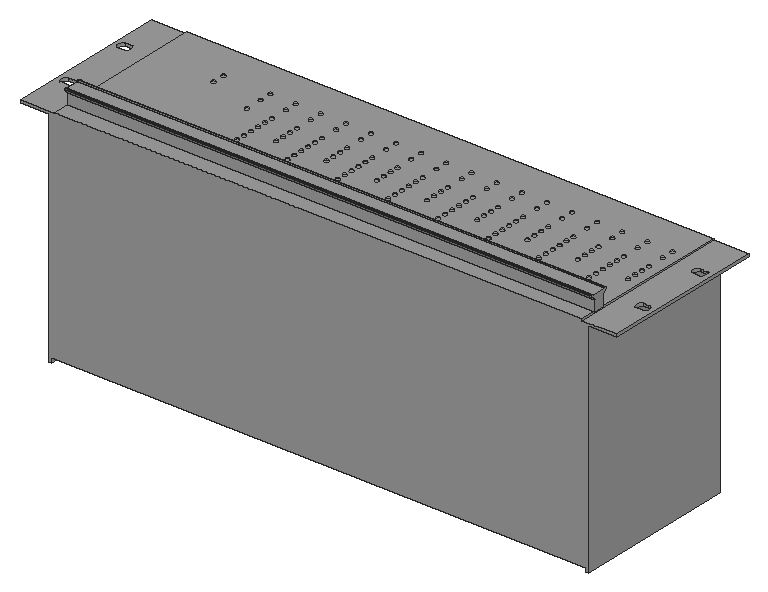
Revit family "Maxlogic Блок интеграции с системой речевого оповещения", category Fire Alarm Devices, host Face, Revit 2021
Family settings
  Host = Face
  Maintain Annotation Orientation = Yes
  Round Connector Dimension = Use Diameter
  Part Type = Normal
  OmniClass Number = 23.85.30.21
  OmniClass Title = Environmental Detection/Registration
  Cut with Voids When Loaded = No
  Shared = No
  Room Calculation Point = No
Parameters (values of type "Блок интеграции с системой речевого оповещения, базовая модель 19", 3U")
  Вес = ""
  Монтажный короб для установки извещателя с поверхностной прокладкой кабеля = ""
  Гарантийный срок = "Года"
  Гарантийный срок запчастей = "2"
  Гарантия срока службы = "2"
  Версия = ""
  URL = "https://www.mavili.com.tr/"
  Монтажный комплект для установки извещателя в подвесной потолок = ""
  Номер позы общественных работ = ""
  Класс защиты = ""
  Программируемый модуль вывода тревоги / оповещения = "ML-5020.PO получает 8 адресов"
  Код продукта = "ML-5020"
  Номер телефона = "(+)90 216 466 45 05"
  Рабочее напряжение (по умолчанию) = "28 В Пост. ток"
  Диапазон рабочего напряжения = "28 В Пост. ток"
  Рабочая Температура = "(-10°C) - (+55°C)"
  Номинальная глубина = "209 мм"
  Номинальная ширина = "483 мм"
  Номинальная высота = "133 мм"
  Монтажная поверхность = "Rack"
  Монтажная высота = ""
  Model = "Maxlogic"
  Объявить модуль ввода = "ML-5020.AI получает 4 адреса"
  Manufacturer = "Mavili Elektronik Ticaret A.Ş."
  Инструкция по установке = "https://mavilielektronik.com/Revit/ML5020_enkk.pdf"
  Выход индикации = ""
  Номер факса = "(+)90 216 466 45 10"
  Резервное питание = "220 В Перем. ток"
  Почта = "mavili@mavili.com.tr"
  Отказ = ""
  Настройка адреса устройства = "Модульная адресация"
  Description = "Блок интеграции с системой речевого оповещения, базовая модель 19\", 3U"
  Default Elevation = 0 mm
  Потребление тока = ""
  Валюта = ""
  Cost = 0
  Совместимые базы для монтажа = ""
  Цвет = "Черный"
  Производительность кода = "EN 54-16"
  Главный Материал = "Красный металлический"
  Вторичный материал = "Органическое стекло / плексиглас"
  Аккумулятор = "2 X (12В Пост. ток 7 Aм/ч. )"
  Пустая панель матрицы оповещения / тревоги = "MLY-5001"
  Адрес №1 = "Şerifali Mahallesi Kutup Sokak No:27/1-2-4 Ümraniye TR-34775 İSTANBUL"
Reference planes
  plane 1 "Center (Front/Back)": y = 0
  plane 2: z = 0
  plane 3 "Center (Left/Right)": x = 0
Forms (mm)
  Extrusion 1, solid, material "Alarm Matrix Panel"
    sketch origin (-255.275, 132.5, 267.01) x (-1, 0, 0) y (0, 0, -1)
      loop
        line (2, 182) -> (0, 182) -> (0, 179) -> (-432, 179) -> (-432, 182) -> (-434, 182) -> (-434, 3) -> (-457.3, 3) -> (-457.3, 0.961) -> (-429.02, 0.961) -> (-429.02, 0.026) -> (-2.98, 0.026) -> (-2.98, 0.961) -> (25.3, 0.961) -> (25.3, 3) -> (2, 3) -> (2, 182)
    from 0 to 132.5
  Revolve 2, solid, material "Glass"
    sketch origin (31.587, -147.1, 266.984) x (1, 0, 0) y (0, 1, 0)
      loop
        arc (-231.532, 249.85) -> (-229.882, 248.2) -> (-228.232, 249.85) r 1.65
        line (-228.232, 249.85) -> (-231.532, 249.85)
      axis (-231.532, 249.85) -> (-228.232, 249.85)
    angle from 0 to -180
  Revolve 3, solid, material "Glass"
    sketch origin (31.587, -157.1, 266.984) x (1, 0, 0) y (0, 1, 0)
      loop
        arc (-231.532, 249.85) -> (-229.882, 248.2) -> (-228.232, 249.85) r 1.65
        line (-228.232, 249.85) -> (-231.532, 249.85)
      axis (-231.532, 249.85) -> (-228.232, 249.85)
    angle from 0 to -180
  Revolve 4, solid, material "Glass"
    sketch origin (69.607, -147.1, 266.984) x (1, 0, 0) y (0, 1, 0)
      loop
        arc (-231.532, 249.85) -> (-229.882, 248.2) -> (-228.232, 249.85) r 1.65
        line (-228.232, 249.85) -> (-231.532, 249.85)
      axis (-231.532, 249.85) -> (-228.232, 249.85)
    angle from 0 to -180
  Revolve 5, solid, material "Glass"
    sketch origin (69.607, -157.1, 266.984) x (1, 0, 0) y (0, 1, 0)
      loop
        arc (-231.532, 249.85) -> (-229.882, 248.2) -> (-228.232, 249.85) r 1.65
        line (-228.232, 249.85) -> (-231.532, 249.85)
      axis (-231.532, 249.85) -> (-228.232, 249.85)
    angle from 0 to -180
  Revolve 6, solid, material "Glass"
    sketch origin (89.927, -147.1, 266.984) x (1, 0, 0) y (0, 1, 0)
      loop
        arc (-231.532, 249.85) -> (-229.882, 248.2) -> (-228.232, 249.85) r 1.65
        line (-228.232, 249.85) -> (-231.532, 249.85)
      axis (-231.532, 249.85) -> (-228.232, 249.85)
    angle from 0 to -180
  Revolve 7, solid, material "Glass"
    sketch origin (89.927, -157.1, 266.984) x (1, 0, 0) y (0, 1, 0)
      loop
        arc (-231.532, 249.85) -> (-229.882, 248.2) -> (-228.232, 249.85) r 1.65
        line (-228.232, 249.85) -> (-231.532, 249.85)
      axis (-231.532, 249.85) -> (-228.232, 249.85)
    angle from 0 to -180
  Revolve 8, solid, material "Glass"
    sketch origin (110.247, -147.1, 266.984) x (1, 0, 0) y (0, 1, 0)
      loop
        arc (-231.532, 249.85) -> (-229.882, 248.2) -> (-228.232, 249.85) r 1.65
        line (-228.232, 249.85) -> (-231.532, 249.85)
      axis (-231.532, 249.85) -> (-228.232, 249.85)
    angle from 0 to -180
  Revolve 9, solid, material "Glass"
    sketch origin (110.247, -157.1, 266.984) x (1, 0, 0) y (0, 1, 0)
      loop
        arc (-231.532, 249.85) -> (-229.882, 248.2) -> (-228.232, 249.85) r 1.65
        line (-228.232, 249.85) -> (-231.532, 249.85)
      axis (-231.532, 249.85) -> (-228.232, 249.85)
    angle from 0 to -180
  Revolve 10, solid, material "Glass"
    sketch origin (130.567, -147.1, 266.984) x (1, 0, 0) y (0, 1, 0)
      loop
        arc (-231.532, 249.85) -> (-229.882, 248.2) -> (-228.232, 249.85) r 1.65
        line (-228.232, 249.85) -> (-231.532, 249.85)
      axis (-231.532, 249.85) -> (-228.232, 249.85)
    angle from 0 to -180
  Revolve 11, solid, material "Glass"
    sketch origin (130.567, -157.1, 266.984) x (1, 0, 0) y (0, 1, 0)
      loop
        arc (-231.532, 249.85) -> (-229.882, 248.2) -> (-228.232, 249.85) r 1.65
        line (-228.232, 249.85) -> (-231.532, 249.85)
      axis (-231.532, 249.85) -> (-228.232, 249.85)
    angle from 0 to -180
  Revolve 12, solid, material "Glass"
    sketch origin (150.887, -147.1, 266.984) x (1, 0, 0) y (0, 1, 0)
      loop
        arc (-231.532, 249.85) -> (-229.882, 248.2) -> (-228.232, 249.85) r 1.65
        line (-228.232, 249.85) -> (-231.532, 249.85)
      axis (-231.532, 249.85) -> (-228.232, 249.85)
    angle from 0 to -180
  Revolve 13, solid, material "Glass"
    sketch origin (150.887, -157.1, 266.984) x (1, 0, 0) y (0, 1, 0)
      loop
        arc (-231.532, 249.85) -> (-229.882, 248.2) -> (-228.232, 249.85) r 1.65
        line (-228.232, 249.85) -> (-231.532, 249.85)
      axis (-231.532, 249.85) -> (-228.232, 249.85)
    angle from 0 to -180
  Revolve 14, solid, material "Glass"
    sketch origin (171.207, -147.1, 266.984) x (1, 0, 0) y (0, 1, 0)
      loop
        arc (-231.532, 249.85) -> (-229.882, 248.2) -> (-228.232, 249.85) r 1.65
        line (-228.232, 249.85) -> (-231.532, 249.85)
      axis (-231.532, 249.85) -> (-228.232, 249.85)
    angle from 0 to -180
  Revolve 15, solid, material "Glass"
    sketch origin (171.207, -157.1, 266.984) x (1, 0, 0) y (0, 1, 0)
      loop
        arc (-231.532, 249.85) -> (-229.882, 248.2) -> (-228.232, 249.85) r 1.65
        line (-228.232, 249.85) -> (-231.532, 249.85)
      axis (-231.532, 249.85) -> (-228.232, 249.85)
    angle from 0 to -180
  Revolve 16, solid, material "Glass"
    sketch origin (191.527, -147.1, 266.984) x (1, 0, 0) y (0, 1, 0)
      loop
        arc (-231.532, 249.85) -> (-229.882, 248.2) -> (-228.232, 249.85) r 1.65
        line (-228.232, 249.85) -> (-231.532, 249.85)
      axis (-231.532, 249.85) -> (-228.232, 249.85)
    angle from 0 to -180
  Revolve 17, solid, material "Glass"
    sketch origin (191.527, -157.1, 266.984) x (1, 0, 0) y (0, 1, 0)
      loop
        arc (-231.532, 249.85) -> (-229.882, 248.2) -> (-228.232, 249.85) r 1.65
        line (-228.232, 249.85) -> (-231.532, 249.85)
      axis (-231.532, 249.85) -> (-228.232, 249.85)
    angle from 0 to -180
  Revolve 18, solid, material "Glass"
    sketch origin (211.847, -147.1, 266.984) x (1, 0, 0) y (0, 1, 0)
      loop
        arc (-231.532, 249.85) -> (-229.882, 248.2) -> (-228.232, 249.85) r 1.65
        line (-228.232, 249.85) -> (-231.532, 249.85)
      axis (-231.532, 249.85) -> (-228.232, 249.85)
    angle from 0 to -180
  Revolve 19, solid, material "Glass"
    sketch origin (211.847, -157.1, 266.984) x (1, 0, 0) y (0, 1, 0)
      loop
        arc (-231.532, 249.85) -> (-229.882, 248.2) -> (-228.232, 249.85) r 1.65
        line (-228.232, 249.85) -> (-231.532, 249.85)
      axis (-231.532, 249.85) -> (-228.232, 249.85)
    angle from 0 to -180
  Revolve 20, solid, material "Glass"
    sketch origin (232.167, -147.1, 266.984) x (1, 0, 0) y (0, 1, 0)
      loop
        arc (-231.532, 249.85) -> (-229.882, 248.2) -> (-228.232, 249.85) r 1.65
        line (-228.232, 249.85) -> (-231.532, 249.85)
      axis (-231.532, 249.85) -> (-228.232, 249.85)
    angle from 0 to -180
  Revolve 21, solid, material "Glass"
    sketch origin (232.167, -157.1, 266.984) x (1, 0, 0) y (0, 1, 0)
      loop
        arc (-231.532, 249.85) -> (-229.882, 248.2) -> (-228.232, 249.85) r 1.65
        line (-228.232, 249.85) -> (-231.532, 249.85)
      axis (-231.532, 249.85) -> (-228.232, 249.85)
    angle from 0 to -180
  Revolve 22, solid, material "Glass"
    sketch origin (252.487, -147.1, 266.984) x (1, 0, 0) y (0, 1, 0)
      loop
        arc (-231.532, 249.85) -> (-229.882, 248.2) -> (-228.232, 249.85) r 1.65
        line (-228.232, 249.85) -> (-231.532, 249.85)
      axis (-231.532, 249.85) -> (-228.232, 249.85)
    angle from 0 to -180
  Revolve 23, solid, material "Glass"
    sketch origin (252.487, -157.1, 266.984) x (1, 0, 0) y (0, 1, 0)
      loop
        arc (-231.532, 249.85) -> (-229.882, 248.2) -> (-228.232, 249.85) r 1.65
        line (-228.232, 249.85) -> (-231.532, 249.85)
      axis (-231.532, 249.85) -> (-228.232, 249.85)
    angle from 0 to -180
  Revolve 24, solid, material "Glass"
    sketch origin (272.807, -147.1, 266.984) x (1, 0, 0) y (0, 1, 0)
      loop
        arc (-231.532, 249.85) -> (-229.882, 248.2) -> (-228.232, 249.85) r 1.65
        line (-228.232, 249.85) -> (-231.532, 249.85)
      axis (-231.532, 249.85) -> (-228.232, 249.85)
    angle from 0 to -180
  Revolve 25, solid, material "Glass"
    sketch origin (272.807, -157.1, 266.984) x (1, 0, 0) y (0, 1, 0)
      loop
        arc (-231.532, 249.85) -> (-229.882, 248.2) -> (-228.232, 249.85) r 1.65
        line (-228.232, 249.85) -> (-231.532, 249.85)
      axis (-231.532, 249.85) -> (-228.232, 249.85)
    angle from 0 to -180
  Revolve 26, solid, material "Glass"
    sketch origin (293.127, -147.1, 266.984) x (1, 0, 0) y (0, 1, 0)
      loop
        arc (-231.532, 249.85) -> (-229.882, 248.2) -> (-228.232, 249.85) r 1.65
        line (-228.232, 249.85) -> (-231.532, 249.85)
      axis (-231.532, 249.85) -> (-228.232, 249.85)
    angle from 0 to -180
  Revolve 27, solid, material "Glass"
    sketch origin (293.127, -157.1, 266.984) x (1, 0, 0) y (0, 1, 0)
      loop
        arc (-231.532, 249.85) -> (-229.882, 248.2) -> (-228.232, 249.85) r 1.65
        line (-228.232, 249.85) -> (-231.532, 249.85)
      axis (-231.532, 249.85) -> (-228.232, 249.85)
    angle from 0 to -180
  Revolve 28, solid, material "Glass"
    sketch origin (313.447, -147.1, 266.984) x (1, 0, 0) y (0, 1, 0)
      loop
        arc (-231.532, 249.85) -> (-229.882, 248.2) -> (-228.232, 249.85) r 1.65
        line (-228.232, 249.85) -> (-231.532, 249.85)
      axis (-231.532, 249.85) -> (-228.232, 249.85)
    angle from 0 to -180
  Revolve 29, solid, material "Glass"
    sketch origin (313.447, -157.1, 266.984) x (1, 0, 0) y (0, 1, 0)
      loop
        arc (-231.532, 249.85) -> (-229.882, 248.2) -> (-228.232, 249.85) r 1.65
        line (-228.232, 249.85) -> (-231.532, 249.85)
      axis (-231.532, 249.85) -> (-228.232, 249.85)
    angle from 0 to -180
  Revolve 30, solid, material "Glass"
    sketch origin (333.767, -147.1, 266.984) x (1, 0, 0) y (0, 1, 0)
      loop
        arc (-231.532, 249.85) -> (-229.882, 248.2) -> (-228.232, 249.85) r 1.65
        line (-228.232, 249.85) -> (-231.532, 249.85)
      axis (-231.532, 249.85) -> (-228.232, 249.85)
    angle from 0 to -180
  Revolve 31, solid, material "Glass"
    sketch origin (333.767, -157.1, 266.984) x (1, 0, 0) y (0, 1, 0)
      loop
        arc (-231.532, 249.85) -> (-229.882, 248.2) -> (-228.232, 249.85) r 1.65
        line (-228.232, 249.85) -> (-231.532, 249.85)
      axis (-231.532, 249.85) -> (-228.232, 249.85)
    angle from 0 to -180
  Revolve 32, solid, material "Glass"
    sketch origin (354.087, -147.1, 266.984) x (1, 0, 0) y (0, 1, 0)
      loop
        arc (-231.532, 249.85) -> (-229.882, 248.2) -> (-228.232, 249.85) r 1.65
        line (-228.232, 249.85) -> (-231.532, 249.85)
      axis (-231.532, 249.85) -> (-228.232, 249.85)
    angle from 0 to -180
  Revolve 33, solid, material "Glass"
    sketch origin (354.087, -157.1, 266.984) x (1, 0, 0) y (0, 1, 0)
      loop
        arc (-231.532, 249.85) -> (-229.882, 248.2) -> (-228.232, 249.85) r 1.65
        line (-228.232, 249.85) -> (-231.532, 249.85)
      axis (-231.532, 249.85) -> (-228.232, 249.85)
    angle from 0 to -180
  Revolve 34, solid, material "Glass"
    sketch origin (374.407, -147.1, 266.984) x (1, 0, 0) y (0, 1, 0)
      loop
        arc (-231.532, 249.85) -> (-229.882, 248.2) -> (-228.232, 249.85) r 1.65
        line (-228.232, 249.85) -> (-231.532, 249.85)
      axis (-231.532, 249.85) -> (-228.232, 249.85)
    angle from 0 to -180
  Revolve 35, solid, material "Glass"
    sketch origin (374.407, -157.1, 266.984) x (1, 0, 0) y (0, 1, 0)
      loop
        arc (-231.532, 249.85) -> (-229.882, 248.2) -> (-228.232, 249.85) r 1.65
        line (-228.232, 249.85) -> (-231.532, 249.85)
      axis (-231.532, 249.85) -> (-228.232, 249.85)
    angle from 0 to -180
  Revolve 36, solid, material "Glass"
    sketch origin (394.727, -147.1, 266.984) x (1, 0, 0) y (0, 1, 0)
      loop
        arc (-231.532, 249.85) -> (-229.882, 248.2) -> (-228.232, 249.85) r 1.65
        line (-228.232, 249.85) -> (-231.532, 249.85)
      axis (-231.532, 249.85) -> (-228.232, 249.85)
    angle from 0 to -180
  Revolve 37, solid, material "Glass"
    sketch origin (394.727, -157.1, 266.984) x (1, 0, 0) y (0, 1, 0)
      loop
        arc (-231.532, 249.85) -> (-229.882, 248.2) -> (-228.232, 249.85) r 1.65
        line (-228.232, 249.85) -> (-231.532, 249.85)
      axis (-231.532, 249.85) -> (-228.232, 249.85)
    angle from 0 to -180
  Revolve 38, solid, material "Glass"
    sketch origin (69.607, -171.1, 266.984) x (1, 0, 0) y (0, 1, 0)
      loop
        arc (-231.532, 249.85) -> (-229.882, 248.2) -> (-228.232, 249.85) r 1.65
        line (-228.232, 249.85) -> (-231.532, 249.85)
      axis (-231.532, 249.85) -> (-228.232, 249.85)
    angle from 0 to -180
  Revolve 39, solid, material "Glass"
    sketch origin (89.927, -171.1, 266.984) x (1, 0, 0) y (0, 1, 0)
      loop
        arc (-231.532, 249.85) -> (-229.882, 248.2) -> (-228.232, 249.85) r 1.65
        line (-228.232, 249.85) -> (-231.532, 249.85)
      axis (-231.532, 249.85) -> (-228.232, 249.85)
    angle from 0 to -180
  Revolve 40, solid, material "Glass"
    sketch origin (89.927, -178.1, 266.984) x (1, 0, 0) y (0, 1, 0)
      loop
        arc (-231.532, 249.85) -> (-229.882, 248.2) -> (-228.232, 249.85) r 1.65
        line (-228.232, 249.85) -> (-231.532, 249.85)
      axis (-231.532, 249.85) -> (-228.232, 249.85)
    angle from 0 to -180
  Revolve 41, solid, material "Glass"
    sketch origin (89.927, -185.1, 266.984) x (1, 0, 0) y (0, 1, 0)
      loop
        arc (-231.532, 249.85) -> (-229.882, 248.2) -> (-228.232, 249.85) r 1.65
        line (-228.232, 249.85) -> (-231.532, 249.85)
      axis (-231.532, 249.85) -> (-228.232, 249.85)
    angle from 0 to -180
  Revolve 42, solid, material "Glass"
    sketch origin (89.927, -192.1, 266.984) x (1, 0, 0) y (0, 1, 0)
      loop
        arc (-231.532, 249.85) -> (-229.882, 248.2) -> (-228.232, 249.85) r 1.65
        line (-228.232, 249.85) -> (-231.532, 249.85)
      axis (-231.532, 249.85) -> (-228.232, 249.85)
    angle from 0 to -180
  Revolve 43, solid, material "Glass"
    sketch origin (89.927, -199.1, 266.984) x (1, 0, 0) y (0, 1, 0)
      loop
        arc (-231.532, 249.85) -> (-229.882, 248.2) -> (-228.232, 249.85) r 1.65
        line (-228.232, 249.85) -> (-231.532, 249.85)
      axis (-231.532, 249.85) -> (-228.232, 249.85)
    angle from 0 to -180
  Revolve 44, solid, material "Glass"
    sketch origin (89.927, -206.1, 266.984) x (1, 0, 0) y (0, 1, 0)
      loop
        arc (-231.532, 249.85) -> (-229.882, 248.2) -> (-228.232, 249.85) r 1.65
        line (-228.232, 249.85) -> (-231.532, 249.85)
      axis (-231.532, 249.85) -> (-228.232, 249.85)
    angle from 0 to -180
  Revolve 45, solid, material "Glass"
    sketch origin (89.927, -213.1, 266.984) x (1, 0, 0) y (0, 1, 0)
      loop
        arc (-231.532, 249.85) -> (-229.882, 248.2) -> (-228.232, 249.85) r 1.65
        line (-228.232, 249.85) -> (-231.532, 249.85)
      axis (-231.532, 249.85) -> (-228.232, 249.85)
    angle from 0 to -180
  Revolve 46, solid, material "Glass"
    sketch origin (89.927, -220.1, 266.984) x (1, 0, 0) y (0, 1, 0)
      loop
        arc (-231.532, 249.85) -> (-229.882, 248.2) -> (-228.232, 249.85) r 1.65
        line (-228.232, 249.85) -> (-231.532, 249.85)
      axis (-231.532, 249.85) -> (-228.232, 249.85)
    angle from 0 to -180
  Revolve 47, solid, material "Glass"
    sketch origin (130.567, -171.1, 266.984) x (1, 0, 0) y (0, 1, 0)
      loop
        arc (-231.532, 249.85) -> (-229.882, 248.2) -> (-228.232, 249.85) r 1.65
        line (-228.232, 249.85) -> (-231.532, 249.85)
      axis (-231.532, 249.85) -> (-228.232, 249.85)
    angle from 0 to -180
  Revolve 48, solid, material "Glass"
    sketch origin (130.567, -178.1, 266.984) x (1, 0, 0) y (0, 1, 0)
      loop
        arc (-231.532, 249.85) -> (-229.882, 248.2) -> (-228.232, 249.85) r 1.65
        line (-228.232, 249.85) -> (-231.532, 249.85)
      axis (-231.532, 249.85) -> (-228.232, 249.85)
    angle from 0 to -180
  Revolve 49, solid, material "Glass"
    sketch origin (130.567, -185.1, 266.984) x (1, 0, 0) y (0, 1, 0)
      loop
        arc (-231.532, 249.85) -> (-229.882, 248.2) -> (-228.232, 249.85) r 1.65
        line (-228.232, 249.85) -> (-231.532, 249.85)
      axis (-231.532, 249.85) -> (-228.232, 249.85)
    angle from 0 to -180
  Revolve 50, solid, material "Glass"
    sketch origin (130.567, -192.1, 266.984) x (1, 0, 0) y (0, 1, 0)
      loop
        arc (-231.532, 249.85) -> (-229.882, 248.2) -> (-228.232, 249.85) r 1.65
        line (-228.232, 249.85) -> (-231.532, 249.85)
      axis (-231.532, 249.85) -> (-228.232, 249.85)
    angle from 0 to -180
  Revolve 51, solid, material "Glass"
    sketch origin (130.567, -199.1, 266.984) x (1, 0, 0) y (0, 1, 0)
      loop
        arc (-231.532, 249.85) -> (-229.882, 248.2) -> (-228.232, 249.85) r 1.65
        line (-228.232, 249.85) -> (-231.532, 249.85)
      axis (-231.532, 249.85) -> (-228.232, 249.85)
    angle from 0 to -180
  Revolve 52, solid, material "Glass"
    sketch origin (130.567, -206.1, 266.984) x (1, 0, 0) y (0, 1, 0)
      loop
        arc (-231.532, 249.85) -> (-229.882, 248.2) -> (-228.232, 249.85) r 1.65
        line (-228.232, 249.85) -> (-231.532, 249.85)
      axis (-231.532, 249.85) -> (-228.232, 249.85)
    angle from 0 to -180
  Revolve 53, solid, material "Glass"
    sketch origin (130.567, -213.1, 266.984) x (1, 0, 0) y (0, 1, 0)
      loop
        arc (-231.532, 249.85) -> (-229.882, 248.2) -> (-228.232, 249.85) r 1.65
        line (-228.232, 249.85) -> (-231.532, 249.85)
      axis (-231.532, 249.85) -> (-228.232, 249.85)
    angle from 0 to -180
  Revolve 54, solid, material "Glass"
    sketch origin (130.567, -220.1, 266.984) x (1, 0, 0) y (0, 1, 0)
      loop
        arc (-231.532, 249.85) -> (-229.882, 248.2) -> (-228.232, 249.85) r 1.65
        line (-228.232, 249.85) -> (-231.532, 249.85)
      axis (-231.532, 249.85) -> (-228.232, 249.85)
    angle from 0 to -180
  Revolve 55, solid, material "Glass"
    sketch origin (171.207, -171.1, 266.984) x (1, 0, 0) y (0, 1, 0)
      loop
        arc (-231.532, 249.85) -> (-229.882, 248.2) -> (-228.232, 249.85) r 1.65
        line (-228.232, 249.85) -> (-231.532, 249.85)
      axis (-231.532, 249.85) -> (-228.232, 249.85)
    angle from 0 to -180
  Revolve 56, solid, material "Glass"
    sketch origin (171.207, -178.1, 266.984) x (1, 0, 0) y (0, 1, 0)
      loop
        arc (-231.532, 249.85) -> (-229.882, 248.2) -> (-228.232, 249.85) r 1.65
        line (-228.232, 249.85) -> (-231.532, 249.85)
      axis (-231.532, 249.85) -> (-228.232, 249.85)
    angle from 0 to -180
  Revolve 57, solid, material "Glass"
    sketch origin (171.207, -185.1, 266.984) x (1, 0, 0) y (0, 1, 0)
      loop
        arc (-231.532, 249.85) -> (-229.882, 248.2) -> (-228.232, 249.85) r 1.65
        line (-228.232, 249.85) -> (-231.532, 249.85)
      axis (-231.532, 249.85) -> (-228.232, 249.85)
    angle from 0 to -180
  Revolve 58, solid, material "Glass"
    sketch origin (171.207, -192.1, 266.984) x (1, 0, 0) y (0, 1, 0)
      loop
        arc (-231.532, 249.85) -> (-229.882, 248.2) -> (-228.232, 249.85) r 1.65
        line (-228.232, 249.85) -> (-231.532, 249.85)
      axis (-231.532, 249.85) -> (-228.232, 249.85)
    angle from 0 to -180
  Revolve 59, solid, material "Glass"
    sketch origin (171.207, -199.1, 266.984) x (1, 0, 0) y (0, 1, 0)
      loop
        arc (-231.532, 249.85) -> (-229.882, 248.2) -> (-228.232, 249.85) r 1.65
        line (-228.232, 249.85) -> (-231.532, 249.85)
      axis (-231.532, 249.85) -> (-228.232, 249.85)
    angle from 0 to -180
  Revolve 60, solid, material "Glass"
    sketch origin (171.207, -206.1, 266.984) x (1, 0, 0) y (0, 1, 0)
      loop
        arc (-231.532, 249.85) -> (-229.882, 248.2) -> (-228.232, 249.85) r 1.65
        line (-228.232, 249.85) -> (-231.532, 249.85)
      axis (-231.532, 249.85) -> (-228.232, 249.85)
    angle from 0 to -180
  Revolve 61, solid, material "Glass"
    sketch origin (171.207, -213.1, 266.984) x (1, 0, 0) y (0, 1, 0)
      loop
        arc (-231.532, 249.85) -> (-229.882, 248.2) -> (-228.232, 249.85) r 1.65
        line (-228.232, 249.85) -> (-231.532, 249.85)
      axis (-231.532, 249.85) -> (-228.232, 249.85)
    angle from 0 to -180
  Revolve 62, solid, material "Glass"
    sketch origin (171.207, -220.1, 266.984) x (1, 0, 0) y (0, 1, 0)
      loop
        arc (-231.532, 249.85) -> (-229.882, 248.2) -> (-228.232, 249.85) r 1.65
        line (-228.232, 249.85) -> (-231.532, 249.85)
      axis (-231.532, 249.85) -> (-228.232, 249.85)
    angle from 0 to -180
  Revolve 63, solid, material "Glass"
    sketch origin (211.847, -171.1, 266.984) x (1, 0, 0) y (0, 1, 0)
      loop
        arc (-231.532, 249.85) -> (-229.882, 248.2) -> (-228.232, 249.85) r 1.65
        line (-228.232, 249.85) -> (-231.532, 249.85)
      axis (-231.532, 249.85) -> (-228.232, 249.85)
    angle from 0 to -180
  Revolve 64, solid, material "Glass"
    sketch origin (211.847, -178.1, 266.984) x (1, 0, 0) y (0, 1, 0)
      loop
        arc (-231.532, 249.85) -> (-229.882, 248.2) -> (-228.232, 249.85) r 1.65
        line (-228.232, 249.85) -> (-231.532, 249.85)
      axis (-231.532, 249.85) -> (-228.232, 249.85)
    angle from 0 to -180
  Revolve 65, solid, material "Glass"
    sketch origin (211.847, -185.1, 266.984) x (1, 0, 0) y (0, 1, 0)
      loop
        arc (-231.532, 249.85) -> (-229.882, 248.2) -> (-228.232, 249.85) r 1.65
        line (-228.232, 249.85) -> (-231.532, 249.85)
      axis (-231.532, 249.85) -> (-228.232, 249.85)
    angle from 0 to -180
  Revolve 66, solid, material "Glass"
    sketch origin (211.847, -192.1, 266.984) x (1, 0, 0) y (0, 1, 0)
      loop
        arc (-231.532, 249.85) -> (-229.882, 248.2) -> (-228.232, 249.85) r 1.65
        line (-228.232, 249.85) -> (-231.532, 249.85)
      axis (-231.532, 249.85) -> (-228.232, 249.85)
    angle from 0 to -180
  Revolve 67, solid, material "Glass"
    sketch origin (211.847, -199.1, 266.984) x (1, 0, 0) y (0, 1, 0)
      loop
        arc (-231.532, 249.85) -> (-229.882, 248.2) -> (-228.232, 249.85) r 1.65
        line (-228.232, 249.85) -> (-231.532, 249.85)
      axis (-231.532, 249.85) -> (-228.232, 249.85)
    angle from 0 to -180
  Revolve 68, solid, material "Glass"
    sketch origin (211.847, -206.1, 266.984) x (1, 0, 0) y (0, 1, 0)
      loop
        arc (-231.532, 249.85) -> (-229.882, 248.2) -> (-228.232, 249.85) r 1.65
        line (-228.232, 249.85) -> (-231.532, 249.85)
      axis (-231.532, 249.85) -> (-228.232, 249.85)
    angle from 0 to -180
  Revolve 69, solid, material "Glass"
    sketch origin (211.847, -213.1, 266.984) x (1, 0, 0) y (0, 1, 0)
      loop
        arc (-231.532, 249.85) -> (-229.882, 248.2) -> (-228.232, 249.85) r 1.65
        line (-228.232, 249.85) -> (-231.532, 249.85)
      axis (-231.532, 249.85) -> (-228.232, 249.85)
    angle from 0 to -180
  Revolve 70, solid, material "Glass"
    sketch origin (211.847, -220.1, 266.984) x (1, 0, 0) y (0, 1, 0)
      loop
        arc (-231.532, 249.85) -> (-229.882, 248.2) -> (-228.232, 249.85) r 1.65
        line (-228.232, 249.85) -> (-231.532, 249.85)
      axis (-231.532, 249.85) -> (-228.232, 249.85)
    angle from 0 to -180
  Revolve 71, solid, material "Glass"
    sketch origin (252.487, -171.1, 266.984) x (1, 0, 0) y (0, 1, 0)
      loop
        arc (-231.532, 249.85) -> (-229.882, 248.2) -> (-228.232, 249.85) r 1.65
        line (-228.232, 249.85) -> (-231.532, 249.85)
      axis (-231.532, 249.85) -> (-228.232, 249.85)
    angle from 0 to -180
  Revolve 72, solid, material "Glass"
    sketch origin (252.487, -178.1, 266.984) x (1, 0, 0) y (0, 1, 0)
      loop
        arc (-231.532, 249.85) -> (-229.882, 248.2) -> (-228.232, 249.85) r 1.65
        line (-228.232, 249.85) -> (-231.532, 249.85)
      axis (-231.532, 249.85) -> (-228.232, 249.85)
    angle from 0 to -180
  Revolve 73, solid, material "Glass"
    sketch origin (252.487, -185.1, 266.984) x (1, 0, 0) y (0, 1, 0)
      loop
        arc (-231.532, 249.85) -> (-229.882, 248.2) -> (-228.232, 249.85) r 1.65
        line (-228.232, 249.85) -> (-231.532, 249.85)
      axis (-231.532, 249.85) -> (-228.232, 249.85)
    angle from 0 to -180
  Revolve 74, solid, material "Glass"
    sketch origin (252.487, -192.1, 266.984) x (1, 0, 0) y (0, 1, 0)
      loop
        arc (-231.532, 249.85) -> (-229.882, 248.2) -> (-228.232, 249.85) r 1.65
        line (-228.232, 249.85) -> (-231.532, 249.85)
      axis (-231.532, 249.85) -> (-228.232, 249.85)
    angle from 0 to -180
  Revolve 75, solid, material "Glass"
    sketch origin (252.487, -199.1, 266.984) x (1, 0, 0) y (0, 1, 0)
      loop
        arc (-231.532, 249.85) -> (-229.882, 248.2) -> (-228.232, 249.85) r 1.65
        line (-228.232, 249.85) -> (-231.532, 249.85)
      axis (-231.532, 249.85) -> (-228.232, 249.85)
    angle from 0 to -180
  Revolve 76, solid, material "Glass"
    sketch origin (252.487, -206.1, 266.984) x (1, 0, 0) y (0, 1, 0)
      loop
        arc (-231.532, 249.85) -> (-229.882, 248.2) -> (-228.232, 249.85) r 1.65
        line (-228.232, 249.85) -> (-231.532, 249.85)
      axis (-231.532, 249.85) -> (-228.232, 249.85)
    angle from 0 to -180
  Revolve 77, solid, material "Glass"
    sketch origin (252.487, -213.1, 266.984) x (1, 0, 0) y (0, 1, 0)
      loop
        arc (-231.532, 249.85) -> (-229.882, 248.2) -> (-228.232, 249.85) r 1.65
        line (-228.232, 249.85) -> (-231.532, 249.85)
      axis (-231.532, 249.85) -> (-228.232, 249.85)
    angle from 0 to -180
  Revolve 78, solid, material "Glass"
    sketch origin (252.487, -220.1, 266.984) x (1, 0, 0) y (0, 1, 0)
      loop
        arc (-231.532, 249.85) -> (-229.882, 248.2) -> (-228.232, 249.85) r 1.65
        line (-228.232, 249.85) -> (-231.532, 249.85)
      axis (-231.532, 249.85) -> (-228.232, 249.85)
    angle from 0 to -180
  Revolve 79, solid, material "Glass"
    sketch origin (293.127, -171.1, 266.984) x (1, 0, 0) y (0, 1, 0)
      loop
        arc (-231.532, 249.85) -> (-229.882, 248.2) -> (-228.232, 249.85) r 1.65
        line (-228.232, 249.85) -> (-231.532, 249.85)
      axis (-231.532, 249.85) -> (-228.232, 249.85)
    angle from 0 to -180
  Revolve 80, solid, material "Glass"
    sketch origin (293.127, -178.1, 266.984) x (1, 0, 0) y (0, 1, 0)
      loop
        arc (-231.532, 249.85) -> (-229.882, 248.2) -> (-228.232, 249.85) r 1.65
        line (-228.232, 249.85) -> (-231.532, 249.85)
      axis (-231.532, 249.85) -> (-228.232, 249.85)
    angle from 0 to -180
  Revolve 81, solid, material "Glass"
    sketch origin (293.127, -185.1, 266.984) x (1, 0, 0) y (0, 1, 0)
      loop
        arc (-231.532, 249.85) -> (-229.882, 248.2) -> (-228.232, 249.85) r 1.65
        line (-228.232, 249.85) -> (-231.532, 249.85)
      axis (-231.532, 249.85) -> (-228.232, 249.85)
    angle from 0 to -180
  Revolve 82, solid, material "Glass"
    sketch origin (293.127, -192.1, 266.984) x (1, 0, 0) y (0, 1, 0)
      loop
        arc (-231.532, 249.85) -> (-229.882, 248.2) -> (-228.232, 249.85) r 1.65
        line (-228.232, 249.85) -> (-231.532, 249.85)
      axis (-231.532, 249.85) -> (-228.232, 249.85)
    angle from 0 to -180
  Revolve 83, solid, material "Glass"
    sketch origin (293.127, -199.1, 266.984) x (1, 0, 0) y (0, 1, 0)
      loop
        arc (-231.532, 249.85) -> (-229.882, 248.2) -> (-228.232, 249.85) r 1.65
        line (-228.232, 249.85) -> (-231.532, 249.85)
      axis (-231.532, 249.85) -> (-228.232, 249.85)
    angle from 0 to -180
  Revolve 84, solid, material "Glass"
    sketch origin (293.127, -206.1, 266.984) x (1, 0, 0) y (0, 1, 0)
      loop
        arc (-231.532, 249.85) -> (-229.882, 248.2) -> (-228.232, 249.85) r 1.65
        line (-228.232, 249.85) -> (-231.532, 249.85)
      axis (-231.532, 249.85) -> (-228.232, 249.85)
    angle from 0 to -180
  Revolve 85, solid, material "Glass"
    sketch origin (293.127, -213.1, 266.984) x (1, 0, 0) y (0, 1, 0)
      loop
        arc (-231.532, 249.85) -> (-229.882, 248.2) -> (-228.232, 249.85) r 1.65
        line (-228.232, 249.85) -> (-231.532, 249.85)
      axis (-231.532, 249.85) -> (-228.232, 249.85)
    angle from 0 to -180
  Revolve 86, solid, material "Glass"
    sketch origin (293.127, -220.1, 266.984) x (1, 0, 0) y (0, 1, 0)
      loop
        arc (-231.532, 249.85) -> (-229.882, 248.2) -> (-228.232, 249.85) r 1.65
        line (-228.232, 249.85) -> (-231.532, 249.85)
      axis (-231.532, 249.85) -> (-228.232, 249.85)
    angle from 0 to -180
  Revolve 87, solid, material "Glass"
    sketch origin (333.767, -171.1, 266.984) x (1, 0, 0) y (0, 1, 0)
      loop
        arc (-231.532, 249.85) -> (-229.882, 248.2) -> (-228.232, 249.85) r 1.65
        line (-228.232, 249.85) -> (-231.532, 249.85)
      axis (-231.532, 249.85) -> (-228.232, 249.85)
    angle from 0 to -180
  Revolve 88, solid, material "Glass"
    sketch origin (333.767, -178.1, 266.984) x (1, 0, 0) y (0, 1, 0)
      loop
        arc (-231.532, 249.85) -> (-229.882, 248.2) -> (-228.232, 249.85) r 1.65
        line (-228.232, 249.85) -> (-231.532, 249.85)
      axis (-231.532, 249.85) -> (-228.232, 249.85)
    angle from 0 to -180
  Revolve 89, solid, material "Glass"
    sketch origin (333.767, -185.1, 266.984) x (1, 0, 0) y (0, 1, 0)
      loop
        arc (-231.532, 249.85) -> (-229.882, 248.2) -> (-228.232, 249.85) r 1.65
        line (-228.232, 249.85) -> (-231.532, 249.85)
      axis (-231.532, 249.85) -> (-228.232, 249.85)
    angle from 0 to -180
  Revolve 90, solid, material "Glass"
    sketch origin (333.767, -192.1, 266.984) x (1, 0, 0) y (0, 1, 0)
      loop
        arc (-231.532, 249.85) -> (-229.882, 248.2) -> (-228.232, 249.85) r 1.65
        line (-228.232, 249.85) -> (-231.532, 249.85)
      axis (-231.532, 249.85) -> (-228.232, 249.85)
    angle from 0 to -180
  Revolve 91, solid, material "Glass"
    sketch origin (333.767, -199.1, 266.984) x (1, 0, 0) y (0, 1, 0)
      loop
        arc (-231.532, 249.85) -> (-229.882, 248.2) -> (-228.232, 249.85) r 1.65
        line (-228.232, 249.85) -> (-231.532, 249.85)
      axis (-231.532, 249.85) -> (-228.232, 249.85)
    angle from 0 to -180
  Revolve 92, solid, material "Glass"
    sketch origin (333.767, -206.1, 266.984) x (1, 0, 0) y (0, 1, 0)
      loop
        arc (-231.532, 249.85) -> (-229.882, 248.2) -> (-228.232, 249.85) r 1.65
        line (-228.232, 249.85) -> (-231.532, 249.85)
      axis (-231.532, 249.85) -> (-228.232, 249.85)
    angle from 0 to -180
  Revolve 93, solid, material "Glass"
    sketch origin (333.767, -213.1, 266.984) x (1, 0, 0) y (0, 1, 0)
      loop
        arc (-231.532, 249.85) -> (-229.882, 248.2) -> (-228.232, 249.85) r 1.65
        line (-228.232, 249.85) -> (-231.532, 249.85)
      axis (-231.532, 249.85) -> (-228.232, 249.85)
    angle from 0 to -180
  Revolve 94, solid, material "Glass"
    sketch origin (333.767, -220.1, 266.984) x (1, 0, 0) y (0, 1, 0)
      loop
        arc (-231.532, 249.85) -> (-229.882, 248.2) -> (-228.232, 249.85) r 1.65
        line (-228.232, 249.85) -> (-231.532, 249.85)
      axis (-231.532, 249.85) -> (-228.232, 249.85)
    angle from 0 to -180
  Revolve 95, solid, material "Glass"
    sketch origin (374.407, -171.1, 266.984) x (1, 0, 0) y (0, 1, 0)
      loop
        arc (-231.532, 249.85) -> (-229.882, 248.2) -> (-228.232, 249.85) r 1.65
        line (-228.232, 249.85) -> (-231.532, 249.85)
      axis (-231.532, 249.85) -> (-228.232, 249.85)
    angle from 0 to -180
  Revolve 96, solid, material "Glass"
    sketch origin (374.407, -178.1, 266.984) x (1, 0, 0) y (0, 1, 0)
      loop
        arc (-231.532, 249.85) -> (-229.882, 248.2) -> (-228.232, 249.85) r 1.65
        line (-228.232, 249.85) -> (-231.532, 249.85)
      axis (-231.532, 249.85) -> (-228.232, 249.85)
    angle from 0 to -180
  Revolve 97, solid, material "Glass"
    sketch origin (374.407, -185.1, 266.984) x (1, 0, 0) y (0, 1, 0)
      loop
        arc (-231.532, 249.85) -> (-229.882, 248.2) -> (-228.232, 249.85) r 1.65
        line (-228.232, 249.85) -> (-231.532, 249.85)
      axis (-231.532, 249.85) -> (-228.232, 249.85)
    angle from 0 to -180
  Revolve 98, solid, material "Glass"
    sketch origin (374.407, -192.1, 266.984) x (1, 0, 0) y (0, 1, 0)
      loop
        arc (-231.532, 249.85) -> (-229.882, 248.2) -> (-228.232, 249.85) r 1.65
        line (-228.232, 249.85) -> (-231.532, 249.85)
      axis (-231.532, 249.85) -> (-228.232, 249.85)
    angle from 0 to -180
  Revolve 99, solid, material "Glass"
    sketch origin (374.407, -199.1, 266.984) x (1, 0, 0) y (0, 1, 0)
      loop
        arc (-231.532, 249.85) -> (-229.882, 248.2) -> (-228.232, 249.85) r 1.65
        line (-228.232, 249.85) -> (-231.532, 249.85)
      axis (-231.532, 249.85) -> (-228.232, 249.85)
    angle from 0 to -180
  Revolve 100, solid, material "Glass"
    sketch origin (374.407, -206.1, 266.984) x (1, 0, 0) y (0, 1, 0)
      loop
        arc (-231.532, 249.85) -> (-229.882, 248.2) -> (-228.232, 249.85) r 1.65
        line (-228.232, 249.85) -> (-231.532, 249.85)
      axis (-231.532, 249.85) -> (-228.232, 249.85)
    angle from 0 to -180
  Revolve 101, solid, material "Glass"
    sketch origin (374.407, -213.1, 266.984) x (1, 0, 0) y (0, 1, 0)
      loop
        arc (-231.532, 249.85) -> (-229.882, 248.2) -> (-228.232, 249.85) r 1.65
        line (-228.232, 249.85) -> (-231.532, 249.85)
      axis (-231.532, 249.85) -> (-228.232, 249.85)
    angle from 0 to -180
  Revolve 102, solid, material "Glass"
    sketch origin (374.407, -220.1, 266.984) x (1, 0, 0) y (0, 1, 0)
      loop
        arc (-231.532, 249.85) -> (-229.882, 248.2) -> (-228.232, 249.85) r 1.65
        line (-228.232, 249.85) -> (-231.532, 249.85)
      axis (-231.532, 249.85) -> (-228.232, 249.85)
    angle from 0 to -180
  Revolve 103, solid, material "Glass"
    sketch origin (110.247, -171.1, 266.984) x (1, 0, 0) y (0, 1, 0)
      loop
        arc (-231.532, 249.85) -> (-229.882, 248.2) -> (-228.232, 249.85) r 1.65
        line (-228.232, 249.85) -> (-231.532, 249.85)
      axis (-231.532, 249.85) -> (-228.232, 249.85)
    angle from 0 to -180
  Revolve 104, solid, material "Glass"
    sketch origin (110.247, -178.1, 266.984) x (1, 0, 0) y (0, 1, 0)
      loop
        arc (-231.532, 249.85) -> (-229.882, 248.2) -> (-228.232, 249.85) r 1.65
        line (-228.232, 249.85) -> (-231.532, 249.85)
      axis (-231.532, 249.85) -> (-228.232, 249.85)
    angle from 0 to -180
  Revolve 105, solid, material "Glass"
    sketch origin (110.247, -185.1, 266.984) x (1, 0, 0) y (0, 1, 0)
      loop
        arc (-231.532, 249.85) -> (-229.882, 248.2) -> (-228.232, 249.85) r 1.65
        line (-228.232, 249.85) -> (-231.532, 249.85)
      axis (-231.532, 249.85) -> (-228.232, 249.85)
    angle from 0 to -180
  Revolve 106, solid, material "Glass"
    sketch origin (110.247, -192.1, 266.984) x (1, 0, 0) y (0, 1, 0)
      loop
        arc (-231.532, 249.85) -> (-229.882, 248.2) -> (-228.232, 249.85) r 1.65
        line (-228.232, 249.85) -> (-231.532, 249.85)
      axis (-231.532, 249.85) -> (-228.232, 249.85)
    angle from 0 to -180
  Revolve 107, solid, material "Glass"
    sketch origin (150.887, -171.1, 266.984) x (1, 0, 0) y (0, 1, 0)
      loop
        arc (-231.532, 249.85) -> (-229.882, 248.2) -> (-228.232, 249.85) r 1.65
        line (-228.232, 249.85) -> (-231.532, 249.85)
      axis (-231.532, 249.85) -> (-228.232, 249.85)
    angle from 0 to -180
  Revolve 108, solid, material "Glass"
    sketch origin (150.887, -178.1, 266.984) x (1, 0, 0) y (0, 1, 0)
      loop
        arc (-231.532, 249.85) -> (-229.882, 248.2) -> (-228.232, 249.85) r 1.65
        line (-228.232, 249.85) -> (-231.532, 249.85)
      axis (-231.532, 249.85) -> (-228.232, 249.85)
    angle from 0 to -180
  Revolve 109, solid, material "Glass"
    sketch origin (150.887, -185.1, 266.984) x (1, 0, 0) y (0, 1, 0)
      loop
        arc (-231.532, 249.85) -> (-229.882, 248.2) -> (-228.232, 249.85) r 1.65
        line (-228.232, 249.85) -> (-231.532, 249.85)
      axis (-231.532, 249.85) -> (-228.232, 249.85)
    angle from 0 to -180
  Revolve 110, solid, material "Glass"
    sketch origin (150.887, -192.1, 266.984) x (1, 0, 0) y (0, 1, 0)
      loop
        arc (-231.532, 249.85) -> (-229.882, 248.2) -> (-228.232, 249.85) r 1.65
        line (-228.232, 249.85) -> (-231.532, 249.85)
      axis (-231.532, 249.85) -> (-228.232, 249.85)
    angle from 0 to -180
  Revolve 111, solid, material "Glass"
    sketch origin (191.527, -171.1, 266.984) x (1, 0, 0) y (0, 1, 0)
      loop
        arc (-231.532, 249.85) -> (-229.882, 248.2) -> (-228.232, 249.85) r 1.65
        line (-228.232, 249.85) -> (-231.532, 249.85)
      axis (-231.532, 249.85) -> (-228.232, 249.85)
    angle from 0 to -180
  Revolve 112, solid, material "Glass"
    sketch origin (191.527, -178.1, 266.984) x (1, 0, 0) y (0, 1, 0)
      loop
        arc (-231.532, 249.85) -> (-229.882, 248.2) -> (-228.232, 249.85) r 1.65
        line (-228.232, 249.85) -> (-231.532, 249.85)
      axis (-231.532, 249.85) -> (-228.232, 249.85)
    angle from 0 to -180
  Revolve 113, solid, material "Glass"
    sketch origin (191.527, -185.1, 266.984) x (1, 0, 0) y (0, 1, 0)
      loop
        arc (-231.532, 249.85) -> (-229.882, 248.2) -> (-228.232, 249.85) r 1.65
        line (-228.232, 249.85) -> (-231.532, 249.85)
      axis (-231.532, 249.85) -> (-228.232, 249.85)
    angle from 0 to -180
  Revolve 114, solid, material "Glass"
    sketch origin (191.527, -192.1, 266.984) x (1, 0, 0) y (0, 1, 0)
      loop
        arc (-231.532, 249.85) -> (-229.882, 248.2) -> (-228.232, 249.85) r 1.65
        line (-228.232, 249.85) -> (-231.532, 249.85)
      axis (-231.532, 249.85) -> (-228.232, 249.85)
    angle from 0 to -180
  Revolve 115, solid, material "Glass"
    sketch origin (232.167, -171.1, 266.984) x (1, 0, 0) y (0, 1, 0)
      loop
        arc (-231.532, 249.85) -> (-229.882, 248.2) -> (-228.232, 249.85) r 1.65
        line (-228.232, 249.85) -> (-231.532, 249.85)
      axis (-231.532, 249.85) -> (-228.232, 249.85)
    angle from 0 to -180
  Revolve 116, solid, material "Glass"
    sketch origin (232.167, -178.1, 266.984) x (1, 0, 0) y (0, 1, 0)
      loop
        arc (-231.532, 249.85) -> (-229.882, 248.2) -> (-228.232, 249.85) r 1.65
        line (-228.232, 249.85) -> (-231.532, 249.85)
      axis (-231.532, 249.85) -> (-228.232, 249.85)
    angle from 0 to -180
  Revolve 117, solid, material "Glass"
    sketch origin (232.167, -185.1, 266.984) x (1, 0, 0) y (0, 1, 0)
      loop
        arc (-231.532, 249.85) -> (-229.882, 248.2) -> (-228.232, 249.85) r 1.65
        line (-228.232, 249.85) -> (-231.532, 249.85)
      axis (-231.532, 249.85) -> (-228.232, 249.85)
    angle from 0 to -180
  Revolve 118, solid, material "Glass"
    sketch origin (232.167, -192.1, 266.984) x (1, 0, 0) y (0, 1, 0)
      loop
        arc (-231.532, 249.85) -> (-229.882, 248.2) -> (-228.232, 249.85) r 1.65
        line (-228.232, 249.85) -> (-231.532, 249.85)
      axis (-231.532, 249.85) -> (-228.232, 249.85)
    angle from 0 to -180
  Revolve 119, solid, material "Glass"
    sketch origin (272.807, -171.1, 266.984) x (1, 0, 0) y (0, 1, 0)
      loop
        arc (-231.532, 249.85) -> (-229.882, 248.2) -> (-228.232, 249.85) r 1.65
        line (-228.232, 249.85) -> (-231.532, 249.85)
      axis (-231.532, 249.85) -> (-228.232, 249.85)
    angle from 0 to -180
  Revolve 120, solid, material "Glass"
    sketch origin (272.807, -178.1, 266.984) x (1, 0, 0) y (0, 1, 0)
      loop
        arc (-231.532, 249.85) -> (-229.882, 248.2) -> (-228.232, 249.85) r 1.65
        line (-228.232, 249.85) -> (-231.532, 249.85)
      axis (-231.532, 249.85) -> (-228.232, 249.85)
    angle from 0 to -180
  Revolve 121, solid, material "Glass"
    sketch origin (272.807, -185.1, 266.984) x (1, 0, 0) y (0, 1, 0)
      loop
        arc (-231.532, 249.85) -> (-229.882, 248.2) -> (-228.232, 249.85) r 1.65
        line (-228.232, 249.85) -> (-231.532, 249.85)
      axis (-231.532, 249.85) -> (-228.232, 249.85)
    angle from 0 to -180
  Revolve 122, solid, material "Glass"
    sketch origin (272.807, -192.1, 266.984) x (1, 0, 0) y (0, 1, 0)
      loop
        arc (-231.532, 249.85) -> (-229.882, 248.2) -> (-228.232, 249.85) r 1.65
        line (-228.232, 249.85) -> (-231.532, 249.85)
      axis (-231.532, 249.85) -> (-228.232, 249.85)
    angle from 0 to -180
  Revolve 123, solid, material "Glass"
    sketch origin (313.447, -171.1, 266.984) x (1, 0, 0) y (0, 1, 0)
      loop
        arc (-231.532, 249.85) -> (-229.882, 248.2) -> (-228.232, 249.85) r 1.65
        line (-228.232, 249.85) -> (-231.532, 249.85)
      axis (-231.532, 249.85) -> (-228.232, 249.85)
    angle from 0 to -180
  Revolve 124, solid, material "Glass"
    sketch origin (313.447, -178.1, 266.984) x (1, 0, 0) y (0, 1, 0)
      loop
        arc (-231.532, 249.85) -> (-229.882, 248.2) -> (-228.232, 249.85) r 1.65
        line (-228.232, 249.85) -> (-231.532, 249.85)
      axis (-231.532, 249.85) -> (-228.232, 249.85)
    angle from 0 to -180
  Revolve 125, solid, material "Glass"
    sketch origin (313.447, -185.1, 266.984) x (1, 0, 0) y (0, 1, 0)
      loop
        arc (-231.532, 249.85) -> (-229.882, 248.2) -> (-228.232, 249.85) r 1.65
        line (-228.232, 249.85) -> (-231.532, 249.85)
      axis (-231.532, 249.85) -> (-228.232, 249.85)
    angle from 0 to -180
  Revolve 126, solid, material "Glass"
    sketch origin (313.447, -192.1, 266.984) x (1, 0, 0) y (0, 1, 0)
      loop
        arc (-231.532, 249.85) -> (-229.882, 248.2) -> (-228.232, 249.85) r 1.65
        line (-228.232, 249.85) -> (-231.532, 249.85)
      axis (-231.532, 249.85) -> (-228.232, 249.85)
    angle from 0 to -180
  Revolve 127, solid, material "Glass"
    sketch origin (354.087, -171.1, 266.984) x (1, 0, 0) y (0, 1, 0)
      loop
        arc (-231.532, 249.85) -> (-229.882, 248.2) -> (-228.232, 249.85) r 1.65
        line (-228.232, 249.85) -> (-231.532, 249.85)
      axis (-231.532, 249.85) -> (-228.232, 249.85)
    angle from 0 to -180
  Revolve 128, solid, material "Glass"
    sketch origin (354.087, -178.1, 266.984) x (1, 0, 0) y (0, 1, 0)
      loop
        arc (-231.532, 249.85) -> (-229.882, 248.2) -> (-228.232, 249.85) r 1.65
        line (-228.232, 249.85) -> (-231.532, 249.85)
      axis (-231.532, 249.85) -> (-228.232, 249.85)
    angle from 0 to -180
  Revolve 129, solid, material "Glass"
    sketch origin (354.087, -185.1, 266.984) x (1, 0, 0) y (0, 1, 0)
      loop
        arc (-231.532, 249.85) -> (-229.882, 248.2) -> (-228.232, 249.85) r 1.65
        line (-228.232, 249.85) -> (-231.532, 249.85)
      axis (-231.532, 249.85) -> (-228.232, 249.85)
    angle from 0 to -180
  Revolve 130, solid, material "Glass"
    sketch origin (354.087, -192.1, 266.984) x (1, 0, 0) y (0, 1, 0)
      loop
        arc (-231.532, 249.85) -> (-229.882, 248.2) -> (-228.232, 249.85) r 1.65
        line (-228.232, 249.85) -> (-231.532, 249.85)
      axis (-231.532, 249.85) -> (-228.232, 249.85)
    angle from 0 to -180
  Revolve 131, solid, material "Glass"
    sketch origin (394.727, -171.1, 266.984) x (1, 0, 0) y (0, 1, 0)
      loop
        arc (-231.532, 249.85) -> (-229.882, 248.2) -> (-228.232, 249.85) r 1.65
        line (-228.232, 249.85) -> (-231.532, 249.85)
      axis (-231.532, 249.85) -> (-228.232, 249.85)
    angle from 0 to -180
  Revolve 132, solid, material "Glass"
    sketch origin (394.727, -178.1, 266.984) x (1, 0, 0) y (0, 1, 0)
      loop
        arc (-231.532, 249.85) -> (-229.882, 248.2) -> (-228.232, 249.85) r 1.65
        line (-228.232, 249.85) -> (-231.532, 249.85)
      axis (-231.532, 249.85) -> (-228.232, 249.85)
    angle from 0 to -180
  Revolve 133, solid, material "Glass"
    sketch origin (394.727, -185.1, 266.984) x (1, 0, 0) y (0, 1, 0)
      loop
        arc (-231.532, 249.85) -> (-229.882, 248.2) -> (-228.232, 249.85) r 1.65
        line (-228.232, 249.85) -> (-231.532, 249.85)
      axis (-231.532, 249.85) -> (-228.232, 249.85)
    angle from 0 to -180
  Revolve 134, solid, material "Glass"
    sketch origin (394.727, -192.1, 266.984) x (1, 0, 0) y (0, 1, 0)
      loop
        arc (-231.532, 249.85) -> (-229.882, 248.2) -> (-228.232, 249.85) r 1.65
        line (-228.232, 249.85) -> (-231.532, 249.85)
      axis (-231.532, 249.85) -> (-228.232, 249.85)
    angle from 0 to -180
  Extrusion 135, solid, material "Alarm Matrix Panel"
    sketch origin (-252.295, 130.75, 266.048) x (0, 0, 1) y (0, 1, 0)
      loop
        line (0.936, -109.7) -> (0.936, -118.3) -> (9.5, -118.3) -> (12.934, -121.27)
        arc (12.934, -121.27) -> (13.447, -121.388) -> (13.833, -121.029) r 0.562
        arc (13.833, -121.029) -> (14.049, -120.684) -> (14.173, -120.295) r 1.625
        line (14.173, -120.295) -> (13.25, -120.295) -> (13.25, -107.705) -> (14.173, -107.705)
        arc (14.173, -107.705) -> (14.049, -107.316) -> (13.833, -106.971) r 1.625
        arc (13.833, -106.971) -> (13.447, -106.612) -> (12.934, -106.73) r 0.562
        line (12.934, -106.73) -> (9.5, -109.7) -> (0.936, -109.7)
    from 0 to -426.04
  Extrusion 136, void
    sketch origin (-171.575, -198.25, 266.048) x (0, 1, 0) y (-1, 0, 0)
      loop
        line (296.85, -368.233) -> (296.85, -361.267)
        arc (296.85, -361.267) -> (293.05, -359.4) -> (289.25, -361.267) r 4.8
        line (289.25, -361.267) -> (289.25, -368.233)
        arc (289.25, -368.233) -> (293.05, -370.1) -> (296.85, -368.233) r 4.8
    from 0 to -4.225
  Extrusion 137, void
    sketch origin (-171.575, -255.35, 266.048) x (0, 1, 0) y (-1, 0, 0)
      loop
        line (296.85, -368.233) -> (296.85, -361.267)
        arc (296.85, -361.267) -> (293.05, -359.4) -> (289.25, -361.267) r 4.8
        line (289.25, -361.267) -> (289.25, -368.233)
        arc (289.25, -368.233) -> (293.05, -370.1) -> (296.85, -368.233) r 4.8
    from 0 to -4.225
  Extrusion 138, void
    sketch origin (-636.617, -198.25, 266.048) x (0, 1, 0) y (-1, 0, 0)
      loop
        line (296.85, -368.233) -> (296.85, -361.267)
        arc (296.85, -361.267) -> (293.05, -359.4) -> (289.25, -361.267) r 4.8
        line (289.25, -361.267) -> (289.25, -368.233)
        arc (289.25, -368.233) -> (293.05, -370.1) -> (296.85, -368.233) r 4.8
    from 0 to -4.225
  Extrusion 139, void
    sketch origin (-636.617, -255.35, 266.048) x (0, 1, 0) y (-1, 0, 0)
      loop
        line (296.85, -368.233) -> (296.85, -361.267)
        arc (296.85, -361.267) -> (293.05, -359.4) -> (289.25, -361.267) r 4.8
        line (289.25, -361.267) -> (289.25, -368.233)
        arc (289.25, -368.233) -> (293.05, -370.1) -> (296.85, -368.233) r 4.8
    from 0 to -4.225
Cuts and joins
  Extrusion 136, Extrusion 137, Extrusion 138, Extrusion 139 cuts Extrusion 1
Lines and regions (mm)
  model lines
    curve 1: line (-152.875, 116.25, 266.984) -> (-154.875, 116.25, 266.984)
    curve 2: line (-154.875, 116.25, 266.984) -> (-154.875, 16.25, 266.984)
    curve 3: line (-152.875, 16.25, 266.984) -> (-152.875, 116.25, 266.984)
    curve 4: line (-154.875, 16.25, 266.984) -> (-152.875, 16.25, 266.984)
    curve 5: line (-132.555, 116.25, 266.984) -> (-134.555, 116.25, 266.984)
    curve 6: line (-134.555, 116.25, 266.984) -> (-134.555, 16.25, 266.984)
    curve 7: line (-132.555, 16.25, 266.984) -> (-132.555, 116.25, 266.984)
    curve 8: line (-134.555, 16.25, 266.984) -> (-132.555, 16.25, 266.984)
    curve 9: line (-112.235, 116.25, 266.984) -> (-114.235, 116.25, 266.984)
    curve 10: line (-114.235, 116.25, 266.984) -> (-114.235, 16.25, 266.984)
    curve 11: line (-112.235, 16.25, 266.984) -> (-112.235, 116.25, 266.984)
    curve 12: line (-114.235, 16.25, 266.984) -> (-112.235, 16.25, 266.984)
    curve 13: line (-91.915, 116.25, 266.984) -> (-93.915, 116.25, 266.984)
    curve 14: line (-93.915, 116.25, 266.984) -> (-93.915, 16.25, 266.984)
    curve 15: line (-91.915, 16.25, 266.984) -> (-91.915, 116.25, 266.984)
    curve 16: line (-93.915, 16.25, 266.984) -> (-91.915, 16.25, 266.984)
    curve 17: line (-71.595, 116.25, 266.984) -> (-73.595, 116.25, 266.984)
    curve 18: line (-73.595, 116.25, 266.984) -> (-73.595, 16.25, 266.984)
    curve 19: line (-71.595, 16.25, 266.984) -> (-71.595, 116.25, 266.984)
    curve 20: line (-73.595, 16.25, 266.984) -> (-71.595, 16.25, 266.984)
    curve 21: line (-51.275, 116.25, 266.984) -> (-53.275, 116.25, 266.984)
    curve 22: line (-53.275, 116.25, 266.984) -> (-53.275, 16.25, 266.984)
    curve 23: line (-51.275, 16.25, 266.984) -> (-51.275, 116.25, 266.984)
    curve 24: line (-53.275, 16.25, 266.984) -> (-51.275, 16.25, 266.984)
    curve 25: line (-30.955, 116.25, 266.984) -> (-32.955, 116.25, 266.984)
    curve 26: line (-32.955, 116.25, 266.984) -> (-32.955, 16.25, 266.984)
    curve 27: line (-30.955, 16.25, 266.984) -> (-30.955, 116.25, 266.984)
    curve 28: line (-32.955, 16.25, 266.984) -> (-30.955, 16.25, 266.984)
    curve 29: line (-10.635, 116.25, 266.984) -> (-12.635, 116.25, 266.984)
    curve 30: line (-12.635, 116.25, 266.984) -> (-12.635, 16.25, 266.984)
    curve 31: line (-10.635, 16.25, 266.984) -> (-10.635, 116.25, 266.984)
    curve 32: line (-12.635, 16.25, 266.984) -> (-10.635, 16.25, 266.984)
    curve 33: line (9.685, 116.25, 266.984) -> (7.685, 116.25, 266.984)
    curve 34: line (7.685, 116.25, 266.984) -> (7.685, 16.25, 266.984)
    curve 35: line (9.685, 16.25, 266.984) -> (9.685, 116.25, 266.984)
    curve 36: line (7.685, 16.25, 266.984) -> (9.685, 16.25, 266.984)
    curve 37: line (30.005, 116.25, 266.984) -> (28.005, 116.25, 266.984)
    curve 38: line (28.005, 116.25, 266.984) -> (28.005, 16.25, 266.984)
    curve 39: line (30.005, 16.25, 266.984) -> (30.005, 116.25, 266.984)
    curve 40: line (28.005, 16.25, 266.984) -> (30.005, 16.25, 266.984)
    curve 41: line (50.325, 116.25, 266.984) -> (48.325, 116.25, 266.984)
    curve 42: line (48.325, 116.25, 266.984) -> (48.325, 16.25, 266.984)
    curve 43: line (50.325, 16.25, 266.984) -> (50.325, 116.25, 266.984)
    curve 44: line (48.325, 16.25, 266.984) -> (50.325, 16.25, 266.984)
    curve 45: line (70.645, 116.25, 266.984) -> (68.645, 116.25, 266.984)
    curve 46: line (68.645, 116.25, 266.984) -> (68.645, 16.25, 266.984)
    curve 47: line (70.645, 16.25, 266.984) -> (70.645, 116.25, 266.984)
    curve 48: line (68.645, 16.25, 266.984) -> (70.645, 16.25, 266.984)
    curve 49: line (90.965, 116.25, 266.984) -> (88.965, 116.25, 266.984)
    curve 50: line (88.965, 116.25, 266.984) -> (88.965, 16.25, 266.984)
    curve 51: line (90.965, 16.25, 266.984) -> (90.965, 116.25, 266.984)
    curve 52: line (88.965, 16.25, 266.984) -> (90.965, 16.25, 266.984)
    curve 53: line (111.285, 116.25, 266.984) -> (109.285, 116.25, 266.984)
    curve 54: line (109.285, 116.25, 266.984) -> (109.285, 16.25, 266.984)
    curve 55: line (111.285, 16.25, 266.984) -> (111.285, 116.25, 266.984)
    curve 56: line (109.285, 16.25, 266.984) -> (111.285, 16.25, 266.984)
    curve 57: line (131.605, 116.25, 266.984) -> (129.605, 116.25, 266.984)
    curve 58: line (129.605, 116.25, 266.984) -> (129.605, 16.25, 266.984)
    curve 59: line (131.605, 16.25, 266.984) -> (131.605, 116.25, 266.984)
    curve 60: line (129.605, 16.25, 266.984) -> (131.605, 16.25, 266.984)
    curve 61: line (151.925, 116.25, 266.984) -> (149.925, 116.25, 266.984)
    curve 62: line (149.925, 116.25, 266.984) -> (149.925, 16.25, 266.984)
    curve 63: line (151.925, 16.25, 266.984) -> (151.925, 116.25, 266.984)
    curve 64: line (149.925, 16.25, 266.984) -> (151.925, 16.25, 266.984)
    curve 65: line (172.245, 116.25, 266.984) -> (170.245, 116.25, 266.984)
    curve 66: line (170.245, 116.25, 266.984) -> (170.245, 16.25, 266.984)
    curve 67: line (172.245, 16.25, 266.984) -> (172.245, 116.25, 266.984)
    curve 68: line (170.245, 16.25, 266.984) -> (172.245, 16.25, 266.984)
    curve 69: line (-171.695, 122.5, 266.048) -> (-171.695, 9.358, 266.048)
    curve 70: line (-169.075, 10, 266.048) -> (-169.075, 122.5, 266.048)
    curve 71: line (-255.275, 122.5, 266.048) -> (174.225, 122.5, 266.048)
    curve 72: line (-130.935, 9.95, 266.048) -> (-151.375, 9.95, 266.048)
    curve 73: line (-151.375, 122.5, 266.048) -> (-151.375, 9.95, 266.048)
    curve 74: line (-148.755, 9.95, 266.048) -> (-148.755, 122.5, 266.048)
    curve 75: line (-130.935, 9.95, 266.048) -> (-130.935, 122.5, 266.048)
    curve 76: line (-128.435, 10, 266.048) -> (-128.435, 122.5, 266.048)
    curve 77: line (-110.735, 122.5, 266.048) -> (-110.735, 9.358, 266.048)
    curve 78: line (-108.115, 10, 266.048) -> (-108.115, 122.5, 266.048)
    curve 79: line (-90.295, 9.358, 266.048) -> (-90.295, 122.5, 266.048)
    curve 80: line (-87.795, 10, 266.048) -> (-87.795, 122.5, 266.048)
    curve 81: line (-70.095, 122.5, 266.048) -> (-70.095, 9.358, 266.048)
    curve 82: line (-67.475, 10, 266.048) -> (-67.475, 122.5, 266.048)
    curve 83: line (-49.655, 9.358, 266.048) -> (-49.655, 122.5, 266.048)
    curve 84: line (-47.155, 10, 266.048) -> (-47.155, 122.5, 266.048)
    curve 85: line (-29.455, 122.5, 266.048) -> (-29.455, 9.358, 266.048)
    curve 86: line (-26.835, 10, 266.048) -> (-26.835, 122.5, 266.048)
    curve 87: line (-9.015, 9.358, 266.048) -> (-9.015, 122.5, 266.048)
    curve 88: line (-6.515, 10, 266.048) -> (-6.515, 122.5, 266.048)
    curve 89: line (11.185, 122.5, 266.048) -> (11.185, 9.358, 266.048)
    curve 90: line (13.805, 10, 266.048) -> (13.805, 122.5, 266.048)
    curve 91: line (31.625, 9.358, 266.048) -> (31.625, 122.5, 266.048)
    curve 92: line (34.125, 10, 266.048) -> (34.125, 122.5, 266.048)
    curve 93: line (51.825, 122.5, 266.048) -> (51.825, 9.358, 266.048)
    curve 94: line (54.445, 10, 266.048) -> (54.445, 122.5, 266.048)
    curve 95: line (72.265, 9.358, 266.048) -> (72.265, 122.5, 266.048)
    curve 96: line (74.765, 10, 266.048) -> (74.765, 122.5, 266.048)
    curve 97: line (92.465, 122.5, 266.048) -> (92.465, 9.358, 266.048)
    curve 98: line (95.085, 10, 266.048) -> (95.085, 122.5, 266.048)
    curve 99: line (112.905, 9.358, 266.048) -> (112.905, 122.5, 266.048)
